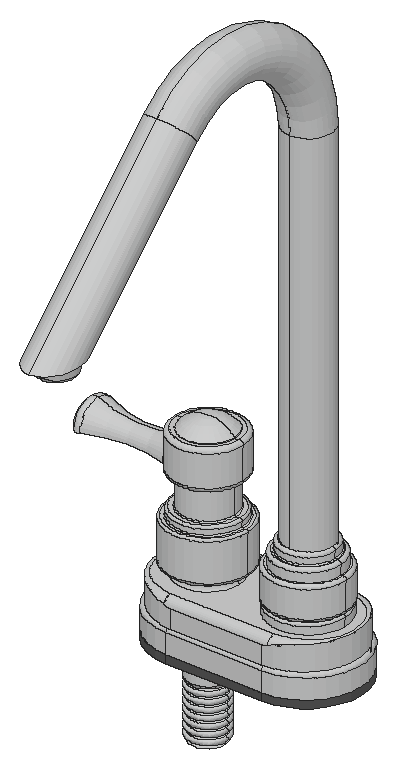
Revit family "415150001_Lavaplatos sencillo de palanca Balta", category Plumbing Fixtures, host Face, Revit 2020
Family settings
  Host = Face
  Round Connector Dimension = Use Diameter
  Part Type = Normal
  OmniClass Number = 23.31.11.00
  OmniClass Title = Faucets
  Cut with Voids When Loaded = No
  Shared = No
  Room Calculation Point = No
Parameters (values of type "Lavaplatos sencillo de palanca Balta")
  Vida útil = "(Unidad del pico): 50000 ciclos."  # constant formula
  Temperaturas máxima de trabajo = "5° C - 71° C."  # constant formula
  Profundidad = 207.4 mm
  Presion minima = "20 psi."  # constant formula
  Presion maxima = "125 psi."  # constant formula
  Peso Neto aprox = "309 g / 0.68 lb"  # constant formula
  Peso Bruto aprox = "435 g / 0.95 lb."  # constant formula
  Normatividad = "NTC 1644"  # constant formula
  Model = "415150001_Lavaplatos sencillo de palanca Balta"  # constant formula
  Material 2 = Corona_Plastico_Negro
  Material = Corona_Plastico_Cromado
  Manufacturer = "Corona."
  Garantía = "- años."  # constant formula
  Fecha de creación = "30/04/2021"  # constant formula
  Diámetro abasto = 12.7 mm
  Dimensiones generales del producto = "340 x 135 x 225 mm."  # constant formula
  Description = "Los acabados superficiales son aquellos que le imprimen una apariencia especial y estética a su producto y además le brindan protección. Para prolongar sus cualidades es vital que la limpieza profunda del producto se haga únicamente con agua y jabón suave y que en el secado y el brillo se utilice un paño de algodón limpio; dicha limpieza se recomienda 2 veces a la semana  y en zonas costeras a diario por la salinidad del ambiente. Por ningún motivo deben usarse elementos abrasivos, ácidos o disolventes para la limpieza del producto. Los acabados pueden variar su comportamiento en zonas costeras y/o en ambientes corrosivos"  # constant formula
  Default Elevation = 0 mm
  Creado por = "BIMBAU"  # constant formula
  Ciclo de vida de la unidad de cierre = "500000 ciclos."  # constant formula
  Capacidad de flujo máximo por norma = "A 60 psi: 8.3 L/min."  # constant formula
  Ancho = 99 mm
  Alto = 342.2 mm
Reference planes
  plane 1 "Center (Front/Back)": y = 0
  plane 2: z = 0
  plane 3 "Center (Left/Right)": x = 0
Dimensions and locks
  aligned and locked: plane 2 to host face
  aligned and locked: level to host face
Nested families
  nested 1: "Lavaplatos sencillo de palanca Balta" at (0, 0, 0), type "Lavaplatos sencillo de palanca Balta"
Connectors
  piping at (-24.128, 0, 0), diameter 12.7, driven by "Diámetro abasto"
    settings: on nested 1, index 1, connector inside diameter 609.6 mm, connector length 0 mm, flow factor 0, pipe flow 0.0 L/s, pressure drop 0.0 Pa, fitting loss kfactor 0, connector angle 0.00°, fixture units 0, engagement length 0 mm, angle of deflection 0.00°, flow configuration 0, flow direction 0, fitting loss method 0, system type 7, joint type 0, gender type 0, connector reference index -1, connector utility 0, adjustable connector no, is connector primary yes, connector description ""
Definition of nested family "Lavaplatos sencillo de palanca Balta"
  Parameters (values of type "Lavaplatos sencillo de palanca Balta")
    Profundidad = 207.4 mm
    Model = "415150001_Lavaplatos sencillo de palanca Balta"  # constant formula
    Material 2 = none
    Material = none
    Manufacturer = "Corona."  # constant formula
    Description = "Los acabados superficiales son aquellos que le imprimen una apariencia especial y estética a su producto y además le brindan protección. Para prolongar sus cualidades es vital que la limpieza profunda del producto se haga únicamente con agua y jabón suave y que en el secado y el brillo se utilice un paño de algodón limpio; dicha limpieza se recomienda 2 veces a la semana  y en zonas costeras a diario por la salinidad del ambiente. Por ningún motivo deben usarse elementos abrasivos, ácidos o disolventes para la limpieza del producto. Los acabados pueden variar su comportamiento en zonas costeras y/o en ambientes corrosivos"  # constant formula
    Default Elevation = 0 mm
    Ancho = 99 mm
    Alto = 342.2 mm
  Reference planes
    plane 1 "Center (Front/Back)": y = 0
    plane 2: z = 0
    plane 3 "Center (Left/Right)": x = 0
    plane 4: y = 26.5
    plane 5: y = -180.9
    plane 6: x = 49.5
    plane 7: x = -49.5
    plane 8: y = -26.5
    plane 9: z = 298.4
    plane 10: z = -43.8
  Forms (mm)
    Extrusion 1, solid, material <- "Material", detail levels medium+fine
      sketch origin (0.7, -82.5, 0) x (1, 0, 0) y (0, 1, 0)
        loop
          line (22.3, 109) -> (-23.7, 109)
          arc (-23.7, 109) -> (-50.2, 82.5) -> (-23.7, 56) r 26.5
          line (-23.7, 56) -> (22.3, 56)
          arc (22.3, 56) -> (48.8, 82.5) -> (22.3, 109) r 26.5
      from 3.608 to 15.074
    Extrusion 2, solid, material <- "Material", detail levels medium+fine
      sketch origin (0.7, -82.5, 0) x (1, 0, 0) y (0, 1, 0)
        loop
          line (21.3, 108) -> (-22.7, 108)
          arc (-22.7, 108) -> (-48.2, 82.5) -> (-22.7, 57) r 25.5
          line (-22.7, 57) -> (21.3, 57)
          arc (21.3, 57) -> (46.8, 82.5) -> (21.3, 108) r 25.5
      from 3.608 to 27.314
    Sweep 3, void
      path origin (0.7, -82.5, 0) x (1, 0, 0) y (0, 1, 0)
        loop
          arc (-23.7, 109) -> (-50.2, 82.5) -> (-23.7, 56) r 26.5
          line (-23.7, 56) -> (22.3, 56)
          arc (22.3, 56) -> (48.8, 82.5) -> (22.3, 109) r 26.5
          line (22.3, 109) -> (-23.7, 109)
      profile origin (-49.5, 0, 0) x (1, 0, 0) y (0, 0, 1)
        loop
          arc (0, 13.041) -> (0.595, 14.478) -> (2.033, 15.074) r 2.033
          line (2.033, 15.074) -> (2.033, 16.022) -> (-0.988, 16.022) -> (-0.988, 13.041) -> (0, 13.041)
    Sweep 4, void
      path origin (0.7, -82.5, 0) x (1, 0, 0) y (0, 1, 0)
        loop
          line (24.221, 108) -> (-25.621, 108)
          arc (-25.621, 108) -> (-51.121, 82.5) -> (-25.621, 57) r 25.5
          line (-25.621, 57) -> (24.221, 57)
          arc (24.221, 57) -> (49.721, 82.5) -> (24.221, 108) r 25.5
      profile origin (0, 25.5, 0) x (0, -1, 0) y (0, 0, 1)
        loop
          arc (0, 23.267) -> (1.185, 26.129) -> (4.047, 27.314) r 4.047
          line (4.047, 27.314) -> (4.047, 29.779) -> (-2, 29.779) -> (-2, 23.267) -> (0, 23.267)
    Extrusion 5, solid, material <- "Material 2", detail levels medium+fine
      sketch origin (0.7, -90.6, 0) x (1, 0, 0) y (0, 1, 0)
        loop
          line (-23.7, 64.1) -> (22.3, 64.1)
          arc (22.3, 64.1) -> (48.8, 90.6) -> (22.3, 117.1) r 26.5
          line (22.3, 117.1) -> (-23.7, 117.1)
          arc (-23.7, 117.1) -> (-50.2, 90.6) -> (-23.7, 64.1) r 26.5
      from 0 to 3.608
    Revolve 6, solid, material <- "Material", detail levels medium+fine
      sketch origin (-1.352, 0, 0) x (1, 0, 0) y (0, 0, 1)
        loop
          line (-22.776, 0) -> (-32.276, 0) -> (-32.276, -16.8)
          arc (-32.276, -16.8) -> (-31.983, -17.507) -> (-31.276, -17.8) r 1
          arc (-31.276, -17.8) -> (-30.526, -18.55) -> (-31.276, -19.3) r 0.75
          arc (-31.276, -19.3) -> (-32.276, -20.3) -> (-31.276, -21.3) r 1
          arc (-31.276, -21.3) -> (-30.526, -22.05) -> (-31.276, -22.8) r 0.75
          arc (-31.276, -22.8) -> (-32.276, -23.8) -> (-31.276, -24.8) r 1
          arc (-31.276, -24.8) -> (-30.526, -25.55) -> (-31.276, -26.3) r 0.75
          arc (-31.276, -26.3) -> (-32.276, -27.3) -> (-31.276, -28.3) r 1
          arc (-31.276, -28.3) -> (-30.526, -29.05) -> (-31.276, -29.8) r 0.75
          arc (-31.276, -29.8) -> (-32.276, -30.8) -> (-31.276, -31.8) r 1
          arc (-31.276, -31.8) -> (-30.526, -32.55) -> (-31.276, -33.3) r 0.75
          arc (-31.276, -33.3) -> (-32.276, -34.3) -> (-31.276, -35.3) r 1
          arc (-31.276, -35.3) -> (-30.526, -36.05) -> (-31.276, -36.8) r 0.75
          arc (-31.276, -36.8) -> (-32.276, -37.8) -> (-31.276, -38.8) r 1
          arc (-31.276, -38.8) -> (-30.526, -39.55) -> (-31.276, -40.3) r 0.75
          arc (-31.276, -40.3) -> (-32.276, -41.3) -> (-31.276, -42.3) r 1
          arc (-31.276, -42.3) -> (-30.526, -43.05) -> (-31.276, -43.8) r 0.75
          line (-31.276, -43.8) -> (-22.776, -43.8) -> (-22.776, 0)
        axis (-22.776, 0) -> (-22.776, -43.8)
      angle from 0 to 360
    Revolve 7, solid, material <- "Material", detail levels medium+fine
      sketch origin (78.639, 0, 0) x (1, 0, 0) y (0, 0, 1)
        loop
          line (-102.643, 89.66) -> (-117.429, 89.66)
          arc (-117.429, 89.66) -> (-118.843, 89.075) -> (-119.429, 87.66) r 2
          line (-119.429, 87.66) -> (-119.429, 72.737)
          arc (-119.429, 72.737) -> (-118.843, 71.323) -> (-117.429, 70.737) r 2
          line (-117.429, 70.737) -> (-102.643, 70.737) -> (-102.643, 89.66)
        axis (-102.643, 89.66) -> (-102.643, 70.737)
      angle from 0 to 360
    Revolve 8, solid, material <- "Material", detail levels medium+fine
      sketch origin (78.639, 0, 0) x (1, 0, 0) y (0, 0, 1)
        loop
          line (-163.65, 73.342) -> (-117.199, 73.342) -> (-117.199, 82.427)
          arc (-117.199, 82.427) -> (-136.63, 79.727) -> (-155.758, 84.087) r 54.462
          arc (-155.758, 84.087) -> (-157.405, 84.294) -> (-158.91, 83.593) r 3
          arc (-158.91, 83.593) -> (-162.376, 78.974) -> (-163.65, 73.342) r 13.804
        axis (-163.65, 73.342) -> (-117.199, 73.342)
      angle from 0 to 360
    Extrusion 9, void
      sketch origin (78.639, -90.251, 0) x (1, 0, 0) y (0, 0, 1)
        loop
          line (-115.324, 73.342) -> (-171.889, 73.342) -> (-171.889, 58.342) -> (-115.324, 58.342) -> (-115.324, 73.342)
      from -129.283 to -45.953
    Revolve 10, solid, material <- "Material", detail levels medium+fine
      sketch origin (-126.764, 0, 0) x (-1, 0, 0) y (0, 0, -1)
        loop
          arc (-120.852, -32.092) -> (-121.559, -32.385) -> (-121.852, -33.092) r 1
          line (-121.852, -33.092) -> (-121.852, -51.092)
          arc (-121.852, -51.092) -> (-121.559, -51.799) -> (-120.852, -52.092) r 1
          line (-120.852, -52.092) -> (-119.4, -52.092)
          arc (-119.4, -52.092) -> (-119.046, -52.238) -> (-118.9, -52.592) r 0.5
          line (-118.9, -52.592) -> (-118.9, -54.921)
          arc (-118.9, -54.921) -> (-118.607, -55.628) -> (-117.9, -55.921) r 1
          line (-117.9, -55.921) -> (-115.831, -55.921)
          arc (-115.831, -55.921) -> (-115.477, -56.068) -> (-115.331, -56.421) r 0.5
          line (-115.331, -56.421) -> (-115.331, -89.66)
          arc (-115.331, -89.66) -> (-109.574, -93.785) -> (-102.643, -95.243) r 17.21
          line (-102.643, -95.243) -> (-102.643, -27.338) -> (-117.667, -27.338)
          arc (-117.667, -27.338) -> (-117.156, -28.387) -> (-116.981, -29.541) r 3.88
          line (-116.981, -29.541) -> (-116.981, -31.592)
          arc (-116.981, -31.592) -> (-117.127, -31.945) -> (-117.481, -32.092) r 0.5
          line (-117.481, -32.092) -> (-120.852, -32.092)
        axis (-102.643, -95.243) -> (-102.643, -27.338)
      angle from 0 to 360
    Revolve 11, solid, material <- "Material", detail levels medium+fine
      sketch origin (24.087, 0, 0) x (1, 0, 0) y (0, 0, 1)
        loop
          line (-15.791, 31.859) -> (-16.788, 31.859)
          arc (-16.788, 31.859) -> (-17.495, 31.566) -> (-17.788, 30.859) r 1
          line (-17.788, 30.859) -> (-17.788, 27.171) -> (0, 27.171) -> (0, 59.311) -> (-11.424, 59.311)
          arc (-11.424, 59.311) -> (-12.485, 58.872) -> (-12.924, 57.811) r 1.5
          line (-12.924, 57.811) -> (-12.924, 54.919)
          arc (-12.924, 54.919) -> (-13.071, 54.565) -> (-13.424, 54.419) r 0.5
          line (-13.424, 54.419) -> (-14.291, 54.419)
          arc (-14.291, 54.419) -> (-15.352, 53.979) -> (-15.791, 52.919) r 1.5
          line (-15.791, 52.919) -> (-15.791, 48.467) -> (-16.782, 48.467)
          arc (-16.782, 48.467) -> (-17.843, 48.028) -> (-18.282, 46.967) r 1.5
          line (-18.282, 46.967) -> (-18.282, 33.897)
          arc (-18.282, 33.897) -> (-17.989, 33.19) -> (-17.282, 32.897) r 1
          line (-17.282, 32.897) -> (-15.791, 32.897) -> (-15.791, 31.859)
        axis (0, 59.311) -> (0, 27.171)
      angle from 0 to 360
    Sweep 12, solid, material <- "Material", detail levels medium+fine
      path origin (50.337, -58.046, 0) x (0, 1, 0) y (0, 0, 1)
        loop
          line (69.262, 56.471) -> (69.262, 237.394)
          arc (69.262, 237.394) -> (32.223, 292.827) -> (-33.164, 279.82) r 60
          line (-33.164, 279.82) -> (-116.74, 196.245)
      profile origin (50.337, 11.216, 146.933) x (0, -1, 0) y (1, 0, 0)
        loop
          circle (11.216, -26.25) r 11.216
    Revolve 13, solid, material <- "Material", detail levels medium+fine
      sketch origin (24.271, -64.632, -1.08) x (0, 1, 0) y (0, 0, 1)
        loop
          line (-95.085, 198.631) -> (-87.051, 198.631) -> (-87.051, 205.124) -> (-96.153, 205.124)
          arc (-96.153, 205.124) -> (-96.937, 204.744) -> (-97.126, 203.893) r 1
          line (-97.126, 203.893) -> (-96.058, 199.4)
          arc (-96.058, 199.4) -> (-95.705, 198.846) -> (-95.085, 198.631) r 1
        axis (-87.051, 205.124) -> (-87.051, 198.631)
      angle from 0 to 360
    Extrusion 14, void
      sketch origin (0, 0, 0) x (0, 1, 0) y (0, 0, 1)
        loop
          line (-180.9, 203.12) -> (-180.9, 175.467) -> (-125.528, 175.467) -> (-125.528, 203.12) -> (-180.9, 203.12)
      from 0 to 49.5
    Extrusion 15, solid, material <- "Material", detail levels coarse
      sketch origin (0, 0, 0) x (1, 0, 0) y (0, 0, 1)
        loop
          line (-49.5, 298.4) -> (-49.5, -43.8) -> (49.5, -43.8) -> (49.5, 298.4) -> (-49.5, 298.4)
      from -26.5 to 180.9
  Cuts and joins
    Sweep 3 cuts Extrusion 1
    Sweep 4 cuts Extrusion 2
    Extrusion 9 cuts Revolve 8
    Extrusion 14 cuts Sweep 12
  Dimensions and locks
    "Ancho": plane 7 to plane 6
    "Profundidad": plane 4 to plane 5
    "Alto": plane 10 to plane 9
    aligned and locked: level to plane 2
  Automatic sketch dimensions
    Extrusion 1 sketch curve to plane 4 = 0 mm
    plane 1 "Center (Front/Back)" to Extrusion 1 sketch curve = 0 mm
    Extrusion 1 sketch curve to plane 3 "Center (Left/Right)" = 23 mm
    plane 3 "Center (Left/Right)" to Extrusion 1 sketch curve = 23 mm
    plane 1 "Center (Front/Back)" to Extrusion 2 sketch curve = 0 mm
    Extrusion 2 sketch curve to plane 4 = 1 mm
    Extrusion 2 sketch curve to plane 3 "Center (Left/Right)" = 22 mm
    plane 3 "Center (Left/Right)" to Extrusion 2 sketch curve = 22 mm
    plane 1 "Center (Front/Back)" to Sweep 3 sketch curve = 0 mm
    Sweep 3 sketch curve to plane 4 = 0 mm
    Sweep 3 sketch curve to plane 3 "Center (Left/Right)" = 23 mm
    plane 3 "Center (Left/Right)" to Sweep 3 sketch curve = 23 mm
    profile plane to Sweep 3 sketch curve = 0 mm
    profile plane to Sweep 3 sketch curve = 0.988 mm
    Sweep 3 sketch curve to profile plane = 2.033 mm
    profile plane to Sweep 3 sketch curve = 13.041 mm
    Sweep 3 sketch curve to Sweep 3 sketch curve = 2.981 mm
    plane 1 "Center (Front/Back)" to Sweep 4 sketch curve = 0 mm
    Sweep 4 sketch curve to plane 8 = 1 mm
    plane 7 to Sweep 4 sketch curve = 24.579 mm
    plane 6 to Sweep 4 sketch curve = 24.579 mm
    Sweep 4 sketch curve to profile plane = 0 mm
    profile plane to Sweep 4 sketch curve = 2 mm
    Sweep 4 sketch curve to profile plane = 4.047 mm
    profile plane to Sweep 4 sketch curve = 23.267 mm
    Sweep 4 sketch curve to Sweep 4 sketch curve = 2.465 mm
    plane 8 to Extrusion 5 sketch curve = 0 mm
    Extrusion 5 sketch curve to plane 4 = 0 mm
    Extrusion 5 sketch curve to plane 3 "Center (Left/Right)" = 23 mm
    plane 3 "Center (Left/Right)" to Extrusion 5 sketch curve = 23 mm
    Revolve 6 sketch curve to level = 0 mm
    Revolve 6 sketch curve to plane 10 = 0 mm
    plane 7 to Revolve 6 sketch curve = 15.872 mm
    plane 7 to Revolve 6 sketch curve = 16.872 mm
    Revolve 6 sketch curve to Revolve 6 sketch curve = 8.5 mm  (x2)
    Revolve 6 sketch curve to Revolve 6 sketch curve = 0.75 mm
    Revolve 6 sketch curve to Revolve 6 sketch curve = 1 mm
    Revolve 6 sketch curve to Revolve 6 sketch curve = 1.75 mm  (x14)
    Revolve 6 sketch curve to Revolve 6 sketch curve = 0 mm  (x14)
    Revolve 6 sketch curve to Revolve 6 sketch curve = 0.5 mm
    Revolve 6 sketch curve to Revolve 6 sketch curve = 5 mm
    plane 7 to Revolve 7 sketch curve = 8.71 mm
    Revolve 7 sketch curve to Revolve 7 sketch curve = 2 mm  (x2)
    Revolve 7 sketch curve to Revolve 7 sketch curve = 14.786 mm
    level to Revolve 7 sketch curve = 70.737 mm
    Revolve 7 sketch curve to Revolve 7 sketch curve = 14.924 mm
    Revolve 7 sketch curve to Revolve 7 sketch curve = 0 mm
    Revolve 7 sketch curve to Revolve 7 sketch curve = 7.596 mm
    Revolve 7 sketch curve to Revolve 7 sketch curve = 2.404 mm
    Revolve 8 sketch curve to plane 7 = 35.511 mm
    Revolve 8 sketch curve to Revolve 8 sketch curve = 6.71 mm
    Revolve 8 sketch curve to Revolve 8 sketch curve = 7.094 mm
    Revolve 8 sketch curve to plane 7 = 6.148 mm
    plane 7 to Revolve 8 sketch curve = 10.941 mm
    level to Revolve 8 sketch curve = 73.181 mm
    Revolve 8 sketch curve to Revolve 8 sketch curve = 0.161 mm  (x2)
    Revolve 8 sketch curve to Revolve 8 sketch curve = 7.988 mm
    Revolve 8 sketch curve to Revolve 8 sketch curve = 9.085 mm
    Revolve 8 sketch curve to Revolve 8 sketch curve = 51.711 mm
    Revolve 8 sketch curve to Revolve 8 sketch curve = 0 mm
    Revolve 8 sketch curve to Revolve 8 sketch curve = 3.607 mm
    Revolve 8 sketch curve to plane 7 = 5.745 mm
    Extrusion 9 sketch curve to plane 7 = 43.75 mm
    plane 7 to Extrusion 9 sketch curve = 12.816 mm
    level to Extrusion 9 sketch curve = 58.342 mm
    Extrusion 9 sketch curve to Extrusion 9 sketch curve = 15 mm
    Revolve 10 sketch curve to plane 3 "Center (Left/Right)" = 4.913 mm
    Revolve 10 sketch curve to Revolve 10 sketch curve = 0.991 mm
    Revolve 10 sketch curve to Revolve 10 sketch curve = 1 mm  (x3)
    Revolve 10 sketch curve to Revolve 10 sketch curve = 1.452 mm
    Revolve 10 sketch curve to Revolve 10 sketch curve = 0.5 mm  (x3)
    Revolve 10 sketch curve to Revolve 10 sketch curve = 3.194 mm
    Revolve 10 sketch curve to Revolve 10 sketch curve = 3.371 mm
    Revolve 10 sketch curve to Revolve 10 sketch curve = 2.069 mm
    Revolve 10 sketch curve to Revolve 10 sketch curve = 14.338 mm
    level to Revolve 10 sketch curve = 95.243 mm
    Revolve 10 sketch curve to Revolve 10 sketch curve = 5.582 mm
    Revolve 10 sketch curve to Revolve 10 sketch curve = 21.612 mm
    Revolve 10 sketch curve to Revolve 10 sketch curve = 2.329 mm
    Revolve 10 sketch curve to Revolve 10 sketch curve = 18 mm
    Revolve 10 sketch curve to Revolve 10 sketch curve = 2.55 mm
    Revolve 10 sketch curve to Revolve 10 sketch curve = 0 mm
    Revolve 10 sketch curve to Revolve 10 sketch curve = 1.337 mm
    Revolve 10 sketch curve to Revolve 10 sketch curve = 12.032 mm
    plane 3 "Center (Left/Right)" to Revolve 11 sketch curve = 5.805 mm
    plane 3 "Center (Left/Right)" to Revolve 11 sketch curve = 6.3 mm
    Revolve 11 sketch curve to Revolve 11 sketch curve = 1 mm  (x2)
    Revolve 11 sketch curve to Revolve 11 sketch curve = 1.5 mm  (x3)
    Revolve 11 sketch curve to Revolve 11 sketch curve = 0.997 mm
    Revolve 11 sketch curve to Revolve 11 sketch curve = 0.991 mm
    Revolve 11 sketch curve to Revolve 11 sketch curve = 0.867 mm
    Revolve 11 sketch curve to Revolve 11 sketch curve = 0.5 mm
    Revolve 11 sketch curve to Revolve 11 sketch curve = 11.424 mm
    level to Revolve 11 sketch curve = 27.171 mm
    Revolve 11 sketch curve to Revolve 11 sketch curve = 3.687 mm
    Revolve 11 sketch curve to Revolve 11 sketch curve = 1.038 mm
    Revolve 11 sketch curve to Revolve 11 sketch curve = 13.071 mm
    Revolve 11 sketch curve to Revolve 11 sketch curve = 4.451 mm
    Revolve 11 sketch curve to Revolve 11 sketch curve = 2.893 mm
    Revolve 11 sketch curve to Revolve 11 sketch curve = 0 mm
    Revolve 11 sketch curve to Revolve 11 sketch curve = 7.834 mm
    Revolve 11 sketch curve to Revolve 11 sketch curve = 15.475 mm
    plane 9 to Sweep 12 sketch curve = 18.58 mm
    plane 8 to Sweep 12 sketch curve = 64.711 mm
    plane 8 to Sweep 12 sketch curve = 22.284 mm
    Sweep 12 sketch curve to plane 1 "Center (Front/Back)" = 11.216 mm
    level to Sweep 12 sketch curve = 56.471 mm
    plane 5 to Sweep 12 sketch curve = 6.114 mm
    plane 9 to Sweep 12 sketch curve = 102.155 mm
    Sweep 12 sketch curve to profile plane = 11.216 mm
    Sweep 12 sketch curve to profile plane = 26.25 mm
    plane 5 to Revolve 13 sketch curve = 19.142 mm
    Revolve 13 sketch curve to Revolve 13 sketch curve = 0.973 mm  (x2)
    Revolve 13 sketch curve to Revolve 13 sketch curve = 1.068 mm
    Revolve 13 sketch curve to Revolve 13 sketch curve = 8.034 mm
    plane 9 to Revolve 13 sketch curve = 100.849 mm
    Revolve 13 sketch curve to Revolve 13 sketch curve = 0.769 mm
    Revolve 13 sketch curve to Revolve 13 sketch curve = 4.493 mm
    Revolve 13 sketch curve to Revolve 13 sketch curve = 0.231 mm
    Revolve 13 sketch curve to Revolve 13 sketch curve = 0 mm
    Revolve 13 sketch curve to Revolve 13 sketch curve = 6.562 mm
    Revolve 13 sketch curve to Revolve 13 sketch curve = 0.548 mm
    Extrusion 14 sketch curve to plane 5 = 0 mm
    plane 5 to Extrusion 14 sketch curve = 55.372 mm
    plane 9 to Extrusion 14 sketch curve = 122.933 mm
    Extrusion 14 sketch curve to Extrusion 14 sketch curve = 27.653 mm
    Extrusion 15 sketch curve to plane 7 = 0 mm
    plane 6 to Extrusion 15 sketch curve = 0 mm
    Extrusion 15 sketch curve to plane 10 = 0 mm
    Extrusion 15 sketch curve to plane 9 = 0 mm
    radius of Sweep 12 sketch curve = 11.216 mm
  Nested families
    nested 1: "Frontal" at (-23.805, 0, 0) x (-1, 0, 0) z (0, -1, 0), type "Frontal", detail levels medium+fine
    nested 2: "Lateral" at (0, 0, 0) x (0, 1, 0) z (1, 0, 0), type "Lateral", detail levels medium+fine
  Definition of nested family "Frontal"
    Reference planes
      plane 1 "Center (Front/Back)": y = 0
      plane 2: z = 0
      plane 3 "Center (Left/Right)": x = 0
      plane 4: x = -74.6
    Lines and regions (mm)
      Filled region 1, type "Solid", in view "Ref. Level"
        outline origin (0, 0, 0) x (1, 0, 0) y (0, 1, 0)
          loop
            line (-74.6, 0) -> (27.146, 0) -> (27.146, 16.305)
            arc (27.146, 16.305) -> (26.713, 17.92) -> (25.531, 19.103) r 3.23
            line (25.531, 19.103) -> (25.531, 25.844)
            arc (25.531, 25.844) -> (23.981, 27.497) -> (21.929, 28.46) r 6.016
            arc (21.929, 28.46) -> (19.039, 30.462) -> (17.037, 33.353) r 9.832
            line (17.037, 33.353) -> (-16.832, 33.353)
            arc (-16.832, 33.353) -> (-17.816, 33.093) -> (-18.546, 32.383) r 2
            line (-18.546, 32.383) -> (-20.342, 29.394)
            arc (-20.342, 29.394) -> (-21.254, 28.506) -> (-22.485, 28.182) r 2.5
            line (-22.485, 28.182) -> (-29.723, 28.182)
            arc (-29.723, 28.182) -> (-30.216, 28.311) -> (-30.58, 28.667) r 1
            line (-30.58, 28.667) -> (-33.105, 32.868)
            arc (-33.105, 32.868) -> (-33.469, 33.223) -> (-33.962, 33.353) r 1
            line (-33.962, 33.353) -> (-68.396, 33.353)
            arc (-68.396, 33.353) -> (-71.638, 29.467) -> (-73.546, 24.781) r 16.461
            line (-73.546, 24.781) -> (-73.546, 18.741)
            arc (-73.546, 18.741) -> (-74.391, 16.86) -> (-74.6, 14.809) r 6.463
            line (-74.6, 14.809) -> (-74.6, 0)
      Filled region 2, type "Solid", in view "Ref. Level"
        outline origin (0, 0, 0) x (1, 0, 0) y (0, 1, 0)
          loop
            line (-32.652, 32.114) -> (-32.652, 48.063)
            arc (-32.652, 48.063) -> (-32.699, 48.496) -> (-32.839, 48.909) r 2
            line (-32.839, 48.909) -> (-33.717, 50.791) -> (-33.717, 53.332)
            arc (-33.717, 53.332) -> (-33.808, 53.845) -> (-34.068, 54.296) r 1.5
            line (-34.068, 54.296) -> (-37.974, 58.951) -> (-37.974, 250.59)
            arc (-37.974, 250.59) -> (-35.979, 251.653) -> (-35.279, 253.802) r 3.023
            line (-35.279, 253.802) -> (-39.215, 291.251)
            arc (-39.215, 291.251) -> (-50.085, 302.121) -> (-60.956, 291.251) r 10.87
            line (-60.956, 291.251) -> (-64.892, 253.802)
            arc (-64.892, 253.802) -> (-64.191, 251.653) -> (-62.196, 250.59) r 3.023
            line (-62.196, 250.59) -> (-62.196, 58.951) -> (-66.102, 54.296)
            arc (-66.102, 54.296) -> (-66.363, 53.845) -> (-66.453, 53.332) r 1.5
            line (-66.453, 53.332) -> (-66.453, 50.791) -> (-67.331, 48.909)
            arc (-67.331, 48.909) -> (-67.471, 48.496) -> (-67.519, 48.063) r 2
            line (-67.519, 48.063) -> (-67.519, 33.353) -> (-33.962, 33.353)
            arc (-33.962, 33.353) -> (-33.469, 33.223) -> (-33.105, 32.868) r 1
            line (-33.105, 32.868) -> (-32.652, 32.114)
      Filled region 3, type "Solid", in view "Ref. Level"
        outline origin (0, 0, 0) x (1, 0, 0) y (0, 1, 0)
          loop
            line (-17.816, 33.353) -> (17.816, 33.353) -> (17.816, 51.147) -> (14.676, 53.346) -> (14.676, 54.889) -> (11.284, 57.264) -> (10.31, 71.202) -> (0, 71.202) -> (-10.31, 71.202) -> (-11.284, 57.264) -> (-14.676, 54.889) -> (-14.676, 53.346) -> (-17.816, 51.147) -> (-17.816, 33.353)
      Filled region 4, type "Solid", in view "Ref. Level"
        outline origin (0, 0, 0) x (1, 0, 0) y (0, 1, 0)
          loop
            spline (10.31, 71.202) -> (18.534, 71.375) -> (22.909, 71.573) -> (26.407, 71.994) -> (29.879, 72.494) -> (33.31, 72.808) -> (36.802, 72.914) -> (40.522, 72.925) -> (44.419, 72.874) -> (47.924, 72.599) -> (50.793, 71.987) -> (54.174, 71.19) -> (59.453, 71.338)
            arc (59.453, 71.338) -> (61.124, 72.484) -> (61.63, 74.447) r 2.885
            spline (61.63, 74.447) -> (59.685, 80.933) -> (57.816, 83.718) -> (55.895, 84.122) -> (53.792, 83.469) -> (51.42, 82.807) -> (48.841, 82.254) -> (46.151, 81.731) -> (43.398, 81.166) -> (40.22, 80.589) -> (36.029, 80.077) -> (30.236, 79.711) -> (22.25, 79.571)
            arc (22.25, 79.571) -> (18.458, 81.142) -> (16.887, 84.934) r 5.362
            arc (16.887, 84.934) -> (15.938, 87.494) -> (13.364, 88.409) r 3.226
            arc (13.364, 88.409) -> (0.864, 94.298) -> (-11.636, 88.409) r 16.211
            arc (-11.636, 88.409) -> (-13.794, 87.841) -> (-15.066, 86.007) r 3.226
            line (-15.066, 86.007) -> (-15.066, 73.045)
            arc (-15.066, 73.045) -> (-14.527, 71.742) -> (-13.223, 71.202) r 1.843
            line (-13.223, 71.202) -> (10.31, 71.202)
      detail lines, in view "Ref. Level"
        curve 1: line (-74.6, 3.93, 0) -> (26.619, 3.93, 0)
        curve 2: line (-32.89, 27.014, 0) -> (-17.29, 27.014, 0)
        curve 3: arc (-62.196, 250.59, 0) -> (-50.085, 253.654, 0) -> (-37.974, 250.59, 0) r 25.47
        curve 4: spline (-50.078, 241.819, 0) -> (-46.946, 241.881, 0) -> (-44.026, 242.062, 0) -> (-41.519, 242.35, 0) -> (-39.595, 242.724, 0) -> (-38.386, 243.161, 0) -> (-37.974, 243.63, 0) -> (-38.386, 244.098, 0) -> (-39.595, 244.535, 0) -> (-41.519, 244.91, 0) -> (-44.026, 245.197, 0) -> (-46.946, 245.378, 0) -> (-50.078, 245.44, 0) -> (-53.211, 245.378, 0) -> (-56.131, 245.197, 0) -> (-58.638, 244.91, 0) -> (-60.561, 244.535, 0) -> (-61.771, 244.098, 0) -> (-62.183, 243.63, 0) -> (-61.771, 243.161, 0) -> (-60.561, 242.724, 0) -> (-58.638, 242.35, 0) -> (-56.131, 242.062, 0) -> (-53.211, 241.881, 0) -> (-50.078, 241.819, 0)
        curve 5: line (-37.974, 58.951, 0) -> (-62.196, 58.951, 0)
        curve 6: line (-66.453, 50.791, 0) -> (-33.717, 50.791, 0)
        curve 7: line (-67.519, 48.063, 0) -> (-32.652, 48.063, 0)
        curve 8: line (12.121, 89.753, 0) -> (-10.393, 89.753, 0)
        curve 9: line (-11.636, 88.409, 0) -> (13.364, 88.409, 0)
        curve 10: line (-15.066, 73.045, 0) -> (61.43, 73.045, 0)
        curve 11: line (-11.284, 57.264, 0) -> (-11.636, 50.791, 0)
        curve 12: line (11.284, 57.264, 0) -> (11.636, 50.791, 0)
  Definition of nested family "Lateral"
    Reference planes
      plane 1 "Center (Front/Back)": y = 0
      plane 2: z = 0
      plane 3 "Center (Left/Right)": x = 0
      plane 4: y = 298.4
    Lines and regions (mm)
      Filled region 1, type "Solid", in view "Ref. Level"
        outline origin (0, 0, 0) x (1, 0, 0) y (0, 1, 0)
          loop
            line (-26.5, 0) -> (26.5, 0) -> (26.5, 15) -> (25.974, 16.964) -> (25.974, 24.073)
            arc (25.974, 24.073) -> (24.794, 26.92) -> (21.947, 28.099) r 4.026
            line (21.947, 28.099) -> (-21.947, 28.099)
            arc (-21.947, 28.099) -> (-24.794, 26.92) -> (-25.974, 24.073) r 4.026
            line (-25.974, 24.073) -> (-25.974, 16.964) -> (-26.5, 15) -> (-26.5, 0)
      Filled region 2, type "Solid", in view "Ref. Level"
        outline origin (0, 0, 0) x (1, 0, 0) y (0, 1, 0)
          loop
            line (17.574, 28.099) -> (16.878, 33.051)
            arc (16.878, 33.051) -> (18.238, 33.292) -> (19.126, 34.349) r 2.026
            line (19.126, 34.349) -> (19.126, 48.224)
            arc (19.126, 48.224) -> (18.384, 49.187) -> (17.225, 49.551) r 2.026
            line (17.225, 49.551) -> (15.531, 49.551) -> (15.531, 54.551)
            arc (15.531, 54.551) -> (14.726, 55.174) -> (13.733, 55.395) r 2.337
            line (13.733, 55.395) -> (12.919, 55.395) -> (12.919, 58.978)
            arc (12.919, 58.978) -> (12.539, 59.894) -> (11.622, 60.274) r 1.296
            line (11.622, 60.274) -> (0, 60.274) -> (-11.622, 60.274)
            arc (-11.622, 60.274) -> (-12.539, 59.894) -> (-12.919, 58.978) r 1.296
            line (-12.919, 58.978) -> (-12.919, 55.395) -> (-13.733, 55.395)
            arc (-13.733, 55.395) -> (-14.726, 55.174) -> (-15.531, 54.551) r 2.337
            line (-15.531, 54.551) -> (-15.531, 49.551) -> (-17.225, 49.551)
            arc (-17.225, 49.551) -> (-18.384, 49.187) -> (-19.126, 48.224) r 2.026
            line (-19.126, 48.224) -> (-19.126, 34.349)
            arc (-19.126, 34.349) -> (-18.238, 33.292) -> (-16.878, 33.051) r 2.026
            line (-16.878, 33.051) -> (-17.574, 28.099) -> (17.574, 28.099)
      Filled region 3, type "Solid", in view "Ref. Level"
        outline origin (0, 0, 0) x (1, 0, 0) y (0, 1, 0)
          loop
            arc (-19.126, 48.224) -> (-18.384, 49.187) -> (-17.225, 49.551) r 2.026
            line (-17.225, 49.551) -> (-15.531, 49.551) -> (-15.531, 54.551)
            arc (-15.531, 54.551) -> (-14.726, 55.174) -> (-13.733, 55.395) r 2.337
            line (-13.733, 55.395) -> (-12.919, 55.395) -> (-12.919, 59.335) -> (-16.593, 57.127)
            arc (-16.593, 57.127) -> (-17.304, 56.397) -> (-17.563, 55.413) r 2
            line (-17.563, 55.413) -> (-17.563, 53.463)
            arc (-17.563, 53.463) -> (-18.669, 53.005) -> (-19.126, 51.9) r 1.563
            line (-19.126, 51.9) -> (-19.126, 48.224)
      Filled region 4, type "Solid", in view "Ref. Level"
        outline origin (0, 0, 0) x (0, 1, 0) y (-1, 0, 0)
          loop
            line (48.224, -19.126) -> (51.9, -19.126)
            arc (51.9, -19.126) -> (53.005, -18.669) -> (53.463, -17.563) r 1.563
            line (53.463, -17.563) -> (55.413, -17.563)
            arc (55.413, -17.563) -> (56.397, -17.304) -> (57.127, -16.593) r 2
            line (57.127, -16.593) -> (59.335, -12.919) -> (55.395, -12.919) -> (55.395, -13.733)
            arc (55.395, -13.733) -> (55.174, -14.726) -> (54.551, -15.531) r 2.337
            line (54.551, -15.531) -> (49.551, -15.531) -> (49.551, -17.225)
            arc (49.551, -17.225) -> (49.187, -18.384) -> (48.224, -19.126) r 2.026
      Filled region 5, type "Solid", in view "Ref. Level"
        outline origin (0, 0, 0) x (1, 0, 0) y (0, 1, 0)
          loop
            arc (-12.539, 59.894) -> (-12.118, 60.175) -> (-11.622, 60.274) r 1.296
            line (-11.622, 60.274) -> (-10.779, 60.274) -> (-10.779, 91.53)
            arc (-10.779, 91.53) -> (-11.7, 91.149) -> (-12.081, 90.228) r 1.302
            line (-12.081, 90.228) -> (-14.742, 90.228)
            arc (-14.742, 90.228) -> (-16.293, 89.586) -> (-16.935, 88.035) r 2.193
            line (-16.935, 88.035) -> (-16.935, 73.035)
            arc (-16.935, 73.035) -> (-16.514, 72.018) -> (-15.496, 71.596) r 1.439
            line (-15.496, 71.596) -> (-12.539, 71.596) -> (-12.539, 59.894)
      Filled region 6, type "Solid", in view "Ref. Level"
        outline origin (0, 0, 0) x (0, 1, 0) y (-1, 0, 0)
          loop
            line (59.894, -12.539) -> (71.596, -12.539) -> (71.596, -15.496)
            arc (71.596, -15.496) -> (72.018, -16.514) -> (73.035, -16.935) r 1.439
            line (73.035, -16.935) -> (88.035, -16.935)
            arc (88.035, -16.935) -> (89.586, -16.293) -> (90.228, -14.742) r 2.193
            line (90.228, -14.742) -> (90.228, -12.081)
            arc (90.228, -12.081) -> (91.149, -11.7) -> (91.53, -10.779) r 1.302
            line (91.53, -10.779) -> (60.274, -10.779) -> (60.274, -11.622)
            arc (60.274, -11.622) -> (60.175, -12.118) -> (59.894, -12.539) r 1.296
      Filled region 7, type "Solid", in view "Ref. Level"
        outline origin (0, 0, 0) x (1, 0, 0) y (0, 1, 0)
          loop
            line (10.779, 60.274) -> (10.779, 240.274)
            arc (10.779, 240.274) -> (-24.567, 293.676) -> (-87.534, 282.006) r 58.014
            line (-87.534, 282.006) -> (-167.421, 202.119) -> (-135.601, 202.119) -> (-70.839, 265.94)
            arc (-70.839, 265.94) -> (-32.337, 272.931) -> (-10.779, 240.274) r 35.514
            line (-10.779, 240.274) -> (-10.779, 60.274) -> (10.779, 60.274)
      Filled region 8, type "Solid", in view "Ref. Level"
        outline origin (0, 0, 0) x (1, 0, 0) y (0, 1, 0)
          loop
            line (-160.809, 202.119) -> (-159.339, 198.079)
            arc (-159.339, 198.079) -> (-158.973, 197.601) -> (-158.399, 197.421) r 1
            line (-158.399, 197.421) -> (-143.089, 197.421)
            arc (-143.089, 197.421) -> (-142.627, 197.534) -> (-142.27, 197.847) r 1
            line (-142.27, 197.847) -> (-139.278, 202.119) -> (-160.809, 202.119)
      detail lines, in view "Ref. Level"
        curve 1: line (26.5, 2.5, 0) -> (-26.5, 2.5, 0)
        curve 2: line (-16.878, 33.051, 0) -> (16.878, 33.051, 0)
        curve 3: line (15.531, 49.551, 0) -> (-15.531, 49.551, 0)
        curve 4: line (-12.919, 55.395, 0) -> (12.919, 55.395, 0)
        curve 5: line (-12.081, 90.228, 0) -> (-10.779, 90.228, 0)
        curve 6: line (-12.539, 71.596, 0) -> (-10.779, 71.596, 0)
        curve 7: line (12.081, 90.228, 0) -> (10.779, 90.228, 0)
        curve 8: line (12.539, 71.596, 0) -> (10.779, 71.596, 0)
